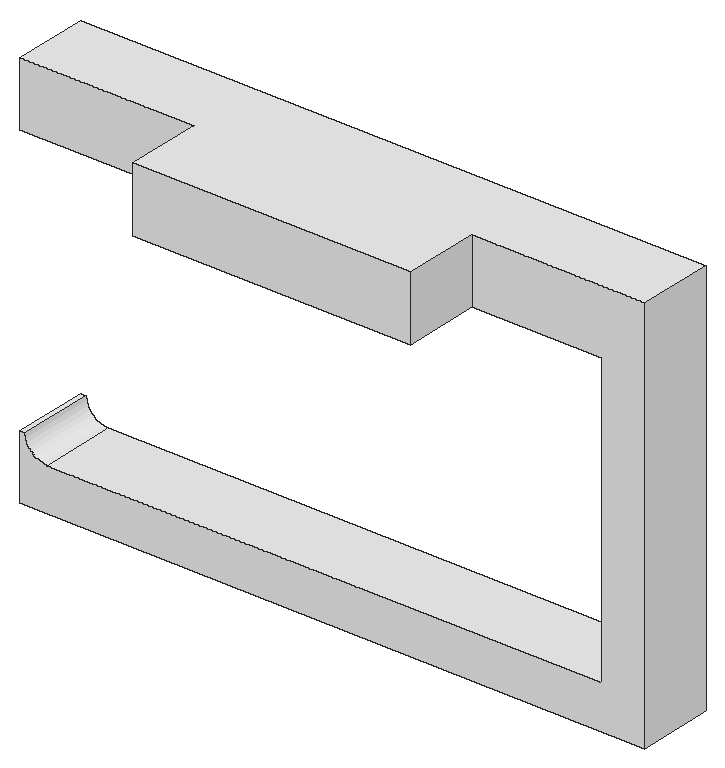
Revit family "DR6045551_Portarrollo", category Furniture, host Wall, Revit 2019
Family settings
  Host = Wall
  OmniClass Number = 23.31.25.19
  OmniClass Title = Restroom Paper Towel Accessories
  Always vertical = Yes
  Cut with Voids When Loaded = No
  Shared = No
  Room Calculation Point = No
Parameters (values of type "Type 1")
  URL = "https://corona.co/productos/accesorios/kit-de-accesorios/kit-por-6-accesorios-draa/p/DR6065551"
  Resistencia a cargas o peso máximo = "9 kg. (19,84 lb.)"  # constant formula
  Referencia = "DR6045551"  # constant formula
  Profundidad = 35 mm  # constant formula
  Peso Neto aprox = " 420 gr."  # constant formula
  Peso Bruto aprox = "4,8 kg. - 10,58 lb."  # constant formula
  Material = Corona_Cromado
  Manufacturer = "Corona"  # constant formula
  Garantía Acabados = "5 Años"  # constant formula
  Garantía = "30 Años"  # constant formula
  Fecha de creación = "11/08/2020"  # constant formula
  Description = "Adquiere estos accesorios que reflejan las últimas tendencias de diseño y se conviernten en el mejor complemento para tu baño. ¡Todo lo que necitabas está aquí!"  # constant formula
  Creado por = "IDD"  # constant formula
  Ancho = 144 mm  # constant formula
  Altura = 900 mm
  Alto = 92 mm  # constant formula
Reference planes
  plane 1 "Wall": y = 0
  plane 2 "Center (Left/Right)": x = 125
  plane 3 "Back": y = 75
  plane 4: z = 900
  plane 5: x = 197
  plane 6: x = 53
  plane 7: z = 946
  plane 8: z = 854
  plane 9: y = 110
Text (mm)
  text "Placement Side" at (-1848.837, 1116.779, 0), in view "Ref. Level"
  text "Placement side" at (0, 1409.804, 2854.306), in view "Left"
  text "Placement side" at (0, 499.811, 2980.732), in view "Right"
Dimensions and locks
  locked: plane 3 "Back" to host wall
  equal spacing: plane 8, plane 4, plane 7
  "Alto": plane 8 to plane 7
  equal spacing: plane 6, plane 2 "Center (Left/Right)", plane 5
  "Ancho": plane 6 to plane 5
  "Profundidad": plane 9 to host wall
  plane 4 to plane 8 = 46 mm
  "Altura": plane 4 to level
  aligned and locked: plane 1 "Wall" to host wall
  aligned and locked: nested 1 to plane 7
  aligned and locked: plane 7 to nested 2
  aligned and locked: plane 6 to nested 2
  aligned and locked: nested 3 to plane 5
  aligned and locked: nested 3 to host wall
  aligned and locked: nested 4 to plane 7
  aligned and locked: nested 4 to plane 5
  aligned and locked: host wall to nested 2
Nested families
  nested 1: "Lateral" at (125, 75, 854) x (0, -1, 0) z (1, 0, 0), type "Lateral"
  nested 2: "Portarollo" at (197, 92.5, 854) x (-1, 0, 0) z (0, 0, 1), type "Portarollo"
  nested 3: "Planta" at (197, 75, 0) x (-1, 0, 0) z (0, 0, 1), type "Planta"
  nested 4: "Frontal" at (197, 0, 854) x (-1, 0, 0) z (0, -1, 0), type "Frontal"
Definition of nested family "Portarollo"
  Parameters (values of type "Portarollo")
    Profundidad = 35 mm
    Material = none
    Ancho = 144 mm
    Alto = 92 mm
  Reference planes
    plane 1 "Center (Front/Back)": y = 0
    plane 2: z = 0
    plane 3 "Center (Left/Right)": x = 0
    plane 4: x = 144
    plane 5: y = 17.5
    plane 6: y = -17.5
    plane 7: z = 92
  Forms (mm)
    Extrusion 1, solid, material <- "Material", detail levels coarse
      sketch origin (0, 0, 0) x (1, 0, 0) y (0, 0, 1)
        loop
          line (144, 0) -> (144, 92) -> (0, 92) -> (0, 0) -> (144, 0)
      from -17.5 to 17.5
    Extrusion 2, solid, material <- "Material", detail levels medium+fine
      sketch origin (0, 0, 0) x (1, 0, 0) y (0, 0, 1)
        loop
          line (144, 0) -> (144, 15) -> (142.781, 15)
          arc (142.781, 15) -> (141.317, 11.464) -> (137.781, 10) r 5
          line (137.781, 10) -> (10, 10) -> (10, 77) -> (144, 77) -> (144, 92) -> (0, 92) -> (0, 0) -> (144, 0)
      from 0 to 17.5
    Extrusion 3, solid, material <- "Material", detail levels medium+fine
      sketch origin (0, 0, 0) x (1, 0, 0) y (0, 1, 0)
        loop
          line (40, 17.5) -> (40, 0) -> (104, 0) -> (104, 17.5) -> (40, 17.5)
      from 77 to 92
  Cuts and joins
    joined: Extrusion 2, Extrusion 3
  Dimensions and locks
    equal spacing: plane 5, plane 1 "Center (Front/Back)", plane 6
    "Profundidad": plane 5 to plane 6
    "Ancho": plane 3 "Center (Left/Right)" to plane 4
    "Alto": plane 7 to level
    aligned and locked: level to plane 2
    aligned and locked: level to Extrusion 1 sketch curve
    aligned and locked: plane 4 to Extrusion 1 sketch curve
    aligned and locked: Extrusion 1 sketch curve to plane 7
    aligned and locked: plane 3 "Center (Left/Right)" to Extrusion 1 sketch curve
    aligned and locked: plane 5 to Extrusion 1
    aligned and locked: Extrusion 1 to plane 6
    aligned and locked: Extrusion 2 sketch curve to plane 7
    aligned and locked: plane 3 "Center (Left/Right)" to Extrusion 2 sketch curve
    aligned and locked: plane 4 to Extrusion 2 sketch curve
    aligned and locked: Extrusion 2 to Extrusion 3
    aligned and locked: plane 7 to Extrusion 3
  Automatic sketch dimensions
    plane 4 to Extrusion 2 sketch curve = 0 mm
    Extrusion 2 sketch curve to level = 0 mm
    plane 3 "Center (Left/Right)" to Extrusion 2 sketch curve = 10 mm
    plane 4 to Extrusion 2 sketch curve = 6.219 mm
    level to Extrusion 2 sketch curve = 10 mm
    Extrusion 2 sketch curve to Extrusion 2 sketch curve = 5 mm
    Extrusion 2 sketch curve to plane 7 = 15 mm
    plane 1 "Center (Front/Back)" to Extrusion 3 sketch curve = 0 mm
    Extrusion 3 sketch curve to plane 5 = 0 mm
    plane 3 "Center (Left/Right)" to Extrusion 3 sketch curve = 40 mm
    plane 4 to Extrusion 3 sketch curve = 40 mm
Definition of nested family "Lateral"
  Reference planes
    plane 1 "Center (Front/Back)": y = 0
    plane 2: z = 0
    plane 3 "Center (Left/Right)": x = 0
    plane 4: y = 92
    plane 5: x = -35
  Lines and regions (mm)
    detail lines, in view "Ref. Level"
      curve 1: line (-35, 0, 0) -> (-17.5, 0, 0)
      curve 2: line (-35, 92, 0) -> (-35, 0, 0)
      curve 3: line (-17.5, 92, 0) -> (-35, 92, 0)
      curve 4: line (-17.5, 0, 0) -> (-17.5, 77, 0)
      curve 5: line (-17.5, 92, 0) -> (0, 92, 0)
      curve 6: line (0, 92, 0) -> (0, 77, 0)
      curve 7: line (0, 77, 0) -> (-35, 77, 0)
      curve 8: line (-35, 15, 0) -> (-17.5, 15, 0)
Definition of nested family "Planta"
  Reference planes
    plane 1 "Center (Front/Back)": y = 0
    plane 2: z = 0
    plane 3 "Center (Left/Right)": x = 0
    plane 4: x = 144
    plane 5: y = 35
  Lines and regions (mm)
    detail lines, in view "Ref. Level"
      curve 1: line (0, 35, 0) -> (144, 35, 0)
      curve 2: line (0, 17.5, 0) -> (0, 35, 0)
      curve 3: line (144, 17.5, 0) -> (104, 17.5, 0)
      curve 4: line (144, 35, 0) -> (144, 17.5, 0)
      curve 5: line (40, 17.5, 0) -> (40, 0, 0)
      curve 6: line (40, 0, 0) -> (104, 0, 0)
      curve 7: line (104, 0, 0) -> (104, 17.5, 0)
      curve 8: line (40, 17.5, 0) -> (0, 17.5, 0)
Definition of nested family "Frontal"
  Reference planes
    plane 1 "Center (Front/Back)": y = 0
    plane 2: z = 0
    plane 3 "Center (Left/Right)": x = 0
    plane 4: x = 144
    plane 5: y = 92
  Lines and regions (mm)
    detail lines, in view "Ref. Level"
      curve 1: line (0, 92, 0) -> (144, 92, 0)
      curve 2: line (0, 0, 0) -> (0, 92, 0)
      curve 3: line (144, 0, 0) -> (0, 0, 0)
      curve 4: line (144, 92, 0) -> (144, 77, 0)
      curve 5: line (138.25, 10, 0) -> (10, 10, 0)
      curve 6: line (10, 77, 0) -> (144, 77, 0)
      curve 7: line (10, 10, 0) -> (10, 77, 0)
      curve 8: line (144, 15, 0) -> (144, 0, 0)
      curve 9: arc (138.25, 10, 0) -> (141.786, 11.464, 0) -> (143.25, 15, 0) r 5
      curve 10: line (143.25, 15, 0) -> (144, 15, 0)
